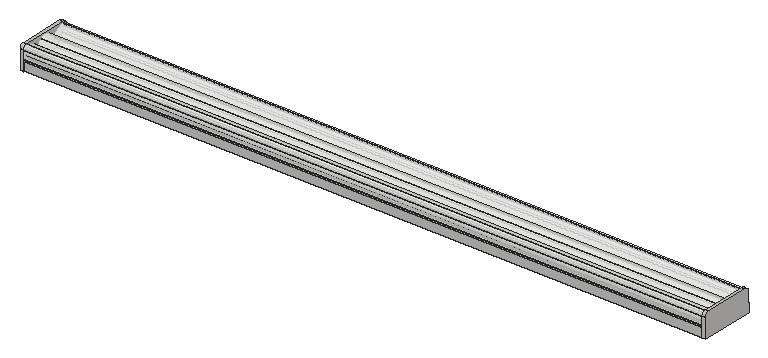
Revit family "Lighting-Luminii-Bara_Static_White", category Lighting Fixtures, host Face, Revit 2020
Family settings
  Host = Face
  Round Connector Dimension = Use Diameter
  Part Type = Normal
  OmniClass Number = 23.80.70.11.14.21
  OmniClass Title = Spots and Tracklight Specialties
  Cut with Voids When Loaded = No
  Light Source = Yes
  Shared = Yes
  Room Calculation Point = No
Parameters (values of type "Bara Static White - High Efficacy - Narrow Beam")
  not Asymmetric = not(Asymmetric)  # yes
  Width = 0.92969"  # constant formula
  Wattage Comments = "1.9 W/ft"
  Wattage = 9.2903 W
  Warranty URL = "https://www.luminii.com/terms-conditions/"
  built-in parameter 1150110 = 1 (stored number, unit not read)
  Voltage Comments = "120VAC - 277VAC"  # constant formula
  Voltage = 120 V
  Version = "2020 - v1.0a"  # constant formula
  URL = "https://www.luminii.com/"
  built-in parameter 1114217 = 1 (stored number, unit not read)
  Tilt Angle = 60.00°
  built-in parameter 1150109 = 1 (stored number, unit not read)
  built-in parameter 1150134 = 3
  built-in parameter 1150113 = 1 (stored number, unit not read)
  Support Phone = "224-699-9545"  # constant formula
  Support Email = "mailto:support@bimsmith.com"
  Product Page URL = "https://www.luminii.com/product/bara-static-white/"
  Power Source Type = "Driver"  # constant formula
  Power Factor = 1  # constant formula
  Photometric Web File = "Narrow Beam LL72-VHO-30K_IESNA2002.ies"
  Phase = 1
  Output Option [instance] = if(High Color Quality, "72SO | 72HO | 72VHO", "HE48LO | HE48SO | HE48MO | HE48HO | HE64VHO | HE64XHO")  # "HE48LO | HE48SO | HE48MO | HE48HO | HE64VHO | HE64XHO"
  Output [instance] = if(High Color Quality, "High Color Quality", "High Efficacy")  # "High Efficacy"
  Operating Temperature = "Consult Manufacturer Website for more Information"  # constant formula
  Number of Poles = if(and(or(Voltage = 120 V, Voltage = 277 V), Phase = 1), 1, if(and(or(Voltage = 208 V, Voltage = 240 V), Phase = 1), 2, if(and(or(Voltage = 208 V, Voltage = 240 V), Phase = 3), 3, if(and(Voltage > 300 V, Phase = 1), 2, if(and(Voltage > 400 V, Phase = 3), 3, 1)))))  # 1
  Narrow Beam = if(Constraints = 2, 1 = 1, 1 = 0)  # yes
  Mounting Method = "Surface Mount"  # constant formula
  Model = "Bara-HEXXXX"
  Manufacturer Phone Number = "403-216-7043"  # constant formula
  Manufacturer Email = "mailto: info@sensolighting.com"
  Manufacturer Address = "302 50 Ave SE. Calgary, Alberta, T2G 2A9 Canada"  # constant formula
  Manufacturer = "Luminii"  # constant formula
  built-in parameter 1150105 = 109.82 (stored number, unit not read)
  Lumens = 1380 lm
  built-in parameter 1150115 = 1 (stored number, unit not read)
  Lumen Output = "155 lm/ft"
  Load Classification = Lighting
  built-in parameter 1150137 = (empty or 0)
  built-in parameter 1150139 = (empty or 0)
  Lens Material = Plastic - Luminii - Frosted Lens
  Length Comments [instance] = "Perfomance based on 1\" Photometric Web File, consult Manufacturer for custom sizes"  # constant formula
  Length [instance] = if(Desired Length < 12.00", 12.00", if(Desired Length > 144.00", 144.00", (round(Desired Length / 1.00")) * 1.00"))  # 12.00"
  built-in parameter 1150112 = 1 (stored number, unit not read)
  built-in parameter 1150114 = 1 (stored number, unit not read)
  Lamp Life = 1
  Lamp = "LED"  # constant formula
  Keynote = "26 50 00"
  built-in parameter 1150132 = (empty or 0)
  built-in parameter 1150102 = (empty or 0)
  built-in parameter 1150107 = 3200 (stored number, unit not read)
  Initial Color Comments = "Perfomance based on 3500K Photometric Web File"  # constant formula
  built-in parameter 1150138 = (empty or 0)
  built-in parameter 1150106 = 1.0982 (stored number, unit not read)
  Housing Protection Rating = "IP20 Dry/IP66 Wet Series"  # constant formula
  High Efficacy = not(High Color Quality)  # yes
  High Color Quality = no
  Has Dimming = 1 = 1  # yes
  Has Battery Backup = 0 = 1  # no
  Frosted Lens = if(Constraints = 1, 1 = 1, 1 = 0)  # no
  Frequency Comments = ""
  Frequency = 60 Hz
  Finish = Metal - Luminii - Silver Anodized Aluminum
  Environment = "Indoor"  # constant formula
  Emit from Rectangle Width = 0.06"  # constant formula
  Emit from Rectangle Length = 48.00"
  Emit Shape Visible in Rendering = no
  built-in parameter 1150104 = 13.8 (stored number, unit not read)
  Dimming Lamp Color Temperature Shift = <None>
  Desired Length [instance] = 12.00"
  Description = "Linear Illumination System"  # constant formula
  Depth = if(Asymmetric, 0.50", 0.41")  # 0.41"
  Default Elevation = 0.00"  # constant formula
  Current Amps = 50 A
  Copyright = "©2024 Luminii"  # constant formula
  Constraints = 2
  Color Filter = 16777215
  built-in parameter 1114216 [instance] = 0  # (empty or 0)
  built-in parameter 1140040 [instance] = 1 = 1  # 1
  CCT = "3000K"
  C Offset From Face = 0.00"  # constant formula
  C LED Number [instance] = Length / 1.00"  # 12
  C End Caps Width = 0.05859"  # constant formula
  Batwing = if(Constraints = 3, 1 = 1, 1 = 0)  # no
  built-in parameter 1114218 = 1 (stored number, unit not read)
  built-in parameter 1150133 = 10 (stored number, unit not read)
  Asymmetric = if(Constraints = 4, 1 = 1, 1 = 0)  # no
  Assembly Code = "D5020230"
  Apparent Load = 1.7 VA
Types (8): name | not Asymmetric | Wattage Comments | Tilt Angle | Photometric Web File | Output Option | Output | Narrow Beam | Model | Lumen Output | Length | High Efficacy | High Color Quality | Frosted Lens | Desired Length | Depth | Constraints | C LED Number | Batwing | Asymmetric | Apparent Load
  Bara Static White - High Color Quality - Frosted | yes | "2.8 W/ft" | 60.00° | "BAR-48-30K-LL72VHO-F.IES" | "72SO | 72HO | 72VHO" | "High Color Quality" | no | "Bara-72XX" | "159 lm/ft" | 24.00" | no | yes | yes | 24.00" | 0.41" | 1 | 24 | no | no | 2.7 VA
  Bara Static White - High Efficacy - Frosted | yes | "1.9 W/ft" | 90.00° | "BAR-48-30K-LL72VHO-F.IES" | "HE48LO | HE48SO | HE48MO | HE48HO | HE64VHO | HE64XHO" | "High Efficacy" | no | "Bara-HEXXXX" | "155 lm/ft" | 12.00" | yes | no | yes | 12.00" | 0.41" | 1 | 12 | no | no | 1.7 VA
  Bara Static White - High Efficacy - Narrow Beam | yes | "1.9 W/ft" | 60.00° | "Narrow Beam LL72-VHO-30K_IESNA2002.ies" | "HE48LO | HE48SO | HE48MO | HE48HO | HE64VHO | HE64XHO" | "High Efficacy" | yes | "Bara-HEXXXX" | "155 lm/ft" | 12.00" | yes | no | no | 12.00" | 0.41" | 2 | 12 | no | no | 1.7 VA
  Bara Static White - High Color Quality - Narrow Beam | yes | "2.8 W/ft" | 60.00° | "Narrow Beam LL72-VHO-30K_IESNA2002.ies" | "72SO | 72HO | 72VHO" | "High Color Quality" | yes | "Bara-72XX" | "159 lm/ft" | 12.00" | no | yes | no | 12.00" | 0.41" | 2 | 12 | no | no | 2.7 VA
  Bara Static White - High Efficacy - Batwing | yes | "1.9 W/ft" | 60.00° | "Batwing Bara LL72-VHO-30K_IESNA2002.ies" | "HE48LO | HE48SO | HE48MO | HE48HO | HE64VHO | HE64XHO" | "High Efficacy" | no | "Bara-HEXXXX" | "155 lm/ft" | 12.00" | yes | no | no | 12.00" | 0.41" | 3 | 12 | yes | no | 1.7 VA
  Bara Static White - High Color Quality - Batwing | yes | "2.8 W/ft" | 60.00° | "Batwing Bara LL72-VHO-30K_IESNA2002.ies" | "72SO | 72HO | 72VHO" | "High Color Quality" | no | "Bara-72XX" | "159 lm/ft" | 12.00" | no | yes | no | 12.00" | 0.41" | 3 | 12 | yes | no | 2.7 VA
  Bara Static White - High Color Quality - Asymmetric | no | "2.8 W/ft" | 60.00° | "Asymmetric Lens Bara LL72-VHO-30K_IESNA2002.ies" | "72SO | 72HO | 72VHO" | "High Color Quality" | no | "Bara-72XX" | "159 lm/ft" | 12.00" | no | yes | no | 12.00" | 0.50" | 4 | 12 | no | yes | 2.7 VA
  Bara Static White - High Efficacy - Asymmetric | no | "1.9 W/ft" | 90.00° | "Asymmetric Lens Bara LL72-VHO-30K_IESNA2002.ies" | "HE48LO | HE48SO | HE48MO | HE48HO | HE64VHO | HE64XHO" | "High Efficacy" | no | "Bara-HEXXXX" | "155 lm/ft" | 12.00" | yes | no | no | 12.00" | 0.50" | 4 | 12 | no | yes | 1.7 VA
Reference planes (in)
  plane 1 "Center (Front/Back)": y = 0
  plane 2: z = 0
  plane 3 "Center (Left/Right)": x = 0
  plane 4: x = -6
  plane 5: x = 6
  plane 6: y = 0.46484
  plane 7: y = -0.46484
  plane 8: x = -5.94141
  plane 9: x = 5.94141
  plane 10: z = 0
  plane 11: z = 0.41
Forms (in)
  Extrusion 1, solid, material "Metal - Luminii - Silver Anodized Aluminum", not visible
    sketch origin (0, 0, 0) x (1, 0, 0) y (0, 1, 0)
      loop
        circle (0, 0) r 0.5
    from 0 to -0.17225
  Sweep 2, solid, material "Metal - Luminii - Silver Anodized Aluminum" <- "Finish", detail levels medium+fine
    path origin (0, 0.61716, 0) x (0, 1, 0) y (-1, 0, 0)
      loop
        line (-0.61716, 5.94141) -> (-0.61716, -5.94141)
    profile "Nested - Middle : Default" origin (0, 0, 0) x (0, 1, 0) y (0, 0, 1)
      loop
        line (0.4625, 0) -> (0.4625, 0.15012) -> (0.3585, 0.15012) -> (0.41358, 0.22878)
        arc (0.41358, 0.22878) -> (0.40744, 0.2636) -> (0.37262, 0.25746) r 0.025
        line (0.37262, 0.25746) -> (0.24144, 0.07012) -> (-0.24144, 0.07012) -> (-0.37262, 0.25746)
        arc (-0.37262, 0.25746) -> (-0.40744, 0.2636) -> (-0.41358, 0.22878) r 0.025
        line (-0.41358, 0.22878) -> (-0.3585, 0.15012) -> (-0.4625, 0.15012) -> (-0.4625, 0) -> (0.4625, 0)
  Sweep 3, solid, material "Plastic - Luminii - Frosted Lens" <- "Lens Material", visible <- "Frosted Lens", detail levels medium+fine
    path origin (0, 0.61716, 0) x (0, 1, 0) y (-1, 0, 0)
      loop
        line (-0.61716, 5.94141) -> (-0.61716, -5.94141)
    profile "Nested - Screen : Default" origin (0, 0, 0) x (0, 1, 0) y (0, 0, 1)
      loop
        arc (0.39327, 0.35838) -> (0.41094, 0.35106) -> (0.41827, 0.33338) r 0.025
        line (0.41827, 0.33338) -> (0.41827, 0.22163)
        arc (0.41827, 0.22163) -> (0.40455, 0.16369) -> (0.45827, 0.18938) r 0.033
        line (0.45827, 0.18938) -> (0.45827, 0.33338)
        arc (0.45827, 0.33338) -> (0.43923, 0.37934) -> (0.39327, 0.39838) r 0.065
        line (0.39327, 0.39838) -> (-0.39273, 0.39838)
        arc (-0.39273, 0.39838) -> (-0.4387, 0.37934) -> (-0.45773, 0.33338) r 0.065
        line (-0.45773, 0.33338) -> (-0.45773, 0.18938)
        arc (-0.45773, 0.18938) -> (-0.40402, 0.16369) -> (-0.41773, 0.22163) r 0.033
        line (-0.41773, 0.22163) -> (-0.41773, 0.33338)
        arc (-0.41773, 0.33338) -> (-0.41041, 0.35106) -> (-0.39273, 0.35838) r 0.025
        line (-0.39273, 0.35838) -> (0.39327, 0.35838)
  Sweep 4, solid, material "Metal - Luminii - Silver Anodized Aluminum" <- "Finish", visible <- "not Asymmetric", detail levels medium+fine
    path origin (0, 0.61716, 0) x (0, 1, 0) y (-1, 0, 0)
      loop
        line (-0.61716, 5.94141) -> (-0.61716, 6)
    profile "Nested - Side : Default" origin (-5.9707, 0, 0) x (0, -1, 0) y (0, 0, 1)
      loop
        line (-0.4675, 0) -> (0.4675, 0) -> (0.4675, 0.332)
        arc (0.4675, 0.332) -> (0.447, 0.3815) -> (0.3975, 0.402) r 0.07
        line (0.3975, 0.402) -> (-0.3975, 0.402)
        arc (-0.3975, 0.402) -> (-0.447, 0.3815) -> (-0.4675, 0.332) r 0.07
        line (-0.4675, 0.332) -> (-0.4675, 0)
  Sweep 5, solid, material "Metal - Luminii - Silver Anodized Aluminum" <- "Finish", visible <- "not Asymmetric", detail levels medium+fine
    path origin (0, 0.61716, 0) x (0, 1, 0) y (-1, 0, 0)
      loop
        line (-0.61716, -5.94141) -> (-0.61716, -6)
    profile "Nested - Side : Default" origin (5.9707, 0, 0) x (0, 1, 0) y (0, 0, 1)
      loop
        line (-0.4675, 0) -> (0.4675, 0) -> (0.4675, 0.332)
        arc (0.4675, 0.332) -> (0.447, 0.3815) -> (0.3975, 0.402) r 0.07
        line (0.3975, 0.402) -> (-0.3975, 0.402)
        arc (-0.3975, 0.402) -> (-0.447, 0.3815) -> (-0.4675, 0.332) r 0.07
        line (-0.4675, 0.332) -> (-0.4675, 0)
  Sweep 6, solid, material "Metal - Luminii - Silver Anodized Aluminum" <- "Finish", detail levels coarse
    path origin (0, 0.61716, 0) x (0, 1, 0) y (-1, 0, 0)
      loop
        line (-0.61716, 5.94141) -> (-0.61716, 6)
    profile origin (-5.9707, 0, 0) x (0, -1, 0) y (0, 0, 1)
      loop
        line (-0.4675, 0.402) -> (-0.4675, 0) -> (0.4675, 0) -> (0.4675, 0.402) -> (-0.4675, 0.402)
  Sweep 7, solid, material "Metal - Luminii - Silver Anodized Aluminum" <- "Finish", detail levels coarse
    path origin (0, 0.61716, 0) x (0, 1, 0) y (-1, 0, 0)
      loop
        line (-0.61716, -5.94141) -> (-0.61716, -6)
    profile origin (5.9707, 0, 0) x (0, 1, 0) y (0, 0, 1)
      loop
        line (0.4675, 0.402) -> (-0.4675, 0.402) -> (-0.4675, 0) -> (0.4675, 0) -> (0.4675, 0.402)
  Sweep 8, solid, material "Metal - Luminii - Silver Anodized Aluminum" <- "Finish", detail levels coarse
    path origin (0, 0.61716, 0) x (0, 1, 0) y (-1, 0, 0)
      loop
        line (-0.61716, 5.94141) -> (-0.61716, -5.94141)
    profile origin (0, 0, 0) x (0, 1, 0) y (0, 0, 1)
      loop
        line (0.4625, 0.15012) -> (-0.4625, 0.15012) -> (-0.4625, 0) -> (0.4625, 0) -> (0.4625, 0.15012)
  Sweep 9, solid, material "Plastic - Luminii - Frosted Lens" <- "Lens Material", detail levels coarse
    path origin (0, 0.61716, 0) x (0, 1, 0) y (-1, 0, 0)
      loop
        line (-0.61716, 5.94141) -> (-0.61716, -5.94141)
    profile origin (0, 0, 0) x (0, 1, 0) y (0, 0, 1)
      loop
        line (0.45827, 0.15012) -> (0.45827, 0.39838) -> (-0.45773, 0.39838) -> (-0.45773, 0.15012) -> (0.45827, 0.15012)
  Sweep 10, solid, material "Plastic - Luminii - Frosted Lens" <- "Lens Material", visible <- "Narrow Beam", detail levels medium+fine
    path origin (0, 0, 0) x (1, 0, 0) y (0, 1, 0)
      loop
        line (-5.94141, 0) -> (5.94141, 0)
    profile "Nested - Narrow Beam : Default" origin (0, 0, 0) x (0, 1, 0) y (0, 0, 1)
      loop
        arc (-0.42164, 0.32557) -> (-0.41463, 0.341) -> (-0.3984, 0.34589) r 0.0205
        arc (-0.3984, 0.34589) -> (-0.28828, 0.30452) -> (-0.1924, 0.23636) r 0.45603
        arc (-0.1924, 0.23636) -> (0, 0.21274) -> (0.1924, 0.23636) r 0.79555
        arc (0.1924, 0.23636) -> (0.28828, 0.30452) -> (0.3984, 0.34589) r 0.45603
        arc (0.3984, 0.34589) -> (0.41463, 0.341) -> (0.42164, 0.32557) r 0.0205
        line (0.42164, 0.32557) -> (0.42164, 0.21634)
        arc (0.42164, 0.21634) -> (0.40349, 0.15507) -> (0.46164, 0.18157) r 0.03511
        line (0.46164, 0.18157) -> (0.46164, 0.32557)
        arc (0.46164, 0.32557) -> (0.43712, 0.37584) -> (0.38241, 0.38747) r 0.0638
        arc (0.38241, 0.38747) -> (0.26836, 0.34376) -> (0.16819, 0.27386) r 0.50327
        arc (0.16819, 0.27386) -> (0.13377, 0.31517) -> (0.09417, 0.35156) r 0.40518
        arc (0.09417, 0.35156) -> (0, 0.3847) -> (-0.09417, 0.35156) r 0.15036
        arc (-0.09417, 0.35156) -> (-0.13377, 0.31517) -> (-0.16819, 0.27386) r 0.40518
        arc (-0.16819, 0.27386) -> (-0.26836, 0.34376) -> (-0.38241, 0.38747) r 0.50327
        arc (-0.38241, 0.38747) -> (-0.43712, 0.37584) -> (-0.46164, 0.32557) r 0.0638
        line (-0.46164, 0.32557) -> (-0.46164, 0.18157)
        arc (-0.46164, 0.18157) -> (-0.40349, 0.15507) -> (-0.42164, 0.21634) r 0.03511
        line (-0.42164, 0.21634) -> (-0.42164, 0.32557)
  Sweep 11, solid, material "Plastic - Luminii - Frosted Lens" <- "Lens Material", visible <- "Batwing", detail levels medium+fine
    path origin (0, 0, 0) x (1, 0, 0) y (0, 1, 0)
      loop
        line (-5.94141, 0) -> (5.94141, 0)
    profile "Nested - Batwing : Default" origin (0, 0, 0) x (0, 1, 0) y (0, 0, 1)
      loop
        arc (-0.42164, 0.33477) -> (-0.41147, 0.35135) -> (-0.39203, 0.35083) r 0.01945
        line (-0.39203, 0.35083) -> (-0.24415, 0.24554)
        arc (-0.24415, 0.24554) -> (-0.16046, 0.20597) -> (-0.06882, 0.19275) r 0.3115
        arc (-0.06882, 0.19275) -> (-0.05957, 0.23915) -> (-0.02974, 0.27588) r 0.09841
        arc (-0.02974, 0.27588) -> (0, 0.28582) -> (0.02974, 0.27588) r 0.04941
        arc (0.02974, 0.27588) -> (0.05957, 0.23915) -> (0.06882, 0.19275) r 0.09841
        arc (0.06882, 0.19275) -> (0.16046, 0.20597) -> (0.24415, 0.24554) r 0.3115
        line (0.24415, 0.24554) -> (0.39203, 0.35083)
        arc (0.39203, 0.35083) -> (0.41147, 0.35135) -> (0.42164, 0.33477) r 0.01945
        line (0.42164, 0.33477) -> (0.42164, 0.21634)
        arc (0.42164, 0.21634) -> (0.40349, 0.15507) -> (0.46164, 0.18157) r 0.03511
        line (0.46164, 0.18157) -> (0.46164, 0.32557)
        arc (0.46164, 0.32557) -> (0.42762, 0.38199) -> (0.36185, 0.37824) r 0.0638
        line (0.36185, 0.37824) -> (0.21333, 0.2725)
        arc (0.21333, 0.2725) -> (0, 0.34613) -> (-0.21333, 0.2725) r 0.34584
        line (-0.21333, 0.2725) -> (-0.36185, 0.37824)
        arc (-0.36185, 0.37824) -> (-0.42762, 0.38199) -> (-0.46164, 0.32557) r 0.0638
        line (-0.46164, 0.32557) -> (-0.46164, 0.18157)
        arc (-0.46164, 0.18157) -> (-0.40349, 0.15507) -> (-0.42164, 0.21634) r 0.03511
        line (-0.42164, 0.21634) -> (-0.42164, 0.33477)
  Sweep 12, solid, material "Plastic - Luminii - Frosted Lens" <- "Lens Material", visible <- "Asymmetric", detail levels medium+fine
    path origin (0, 0, 0) x (1, 0, 0) y (0, 1, 0)
      loop
        line (-5.94141, 0) -> (5.94141, 0)
    profile "Nested - Assymetric : Default" origin (0, 0, 0) x (0, 1, 0) y (0, 0, 1)
      loop
        arc (-0.42164, 0.43086) -> (-0.4131, 0.45147) -> (-0.3925, 0.46) r 0.02914
        line (-0.3925, 0.46) -> (-0.07633, 0.46) -> (-0.11734, 0.20113)
        arc (-0.11734, 0.20113) -> (-0.10071, 0.17825) -> (-0.07783, 0.19487) r 0.02
        line (-0.07783, 0.19487) -> (-0.04677, 0.39097)
        arc (-0.04677, 0.39097) -> (0.11174, 0.31454) -> (0.22061, 0.17628) r 0.39055
        line (0.22061, 0.17628) -> (0.27724, 0.17628)
        arc (0.27724, 0.17628) -> (0.33651, 0.2608) -> (0.42164, 0.31919) r 0.28975
        line (0.42164, 0.31919) -> (0.42164, 0.21634)
        arc (0.42164, 0.21634) -> (0.40349, 0.15507) -> (0.46164, 0.18157) r 0.03511
        line (0.46164, 0.18157) -> (0.46164, 0.36898)
        arc (0.46164, 0.36898) -> (0.36115, 0.32829) -> (0.27958, 0.25687) r 0.32571
        arc (0.27958, 0.25687) -> (0.13211, 0.36754) -> (-0.04001, 0.43367) r 0.66785
        line (-0.04001, 0.43367) -> (-0.0295, 0.5) -> (-0.39164, 0.5)
        arc (-0.39164, 0.5) -> (-0.44114, 0.4795) -> (-0.46164, 0.43) r 0.07
        line (-0.46164, 0.43) -> (-0.46164, 0.18157)
        arc (-0.46164, 0.18157) -> (-0.40349, 0.15507) -> (-0.42164, 0.21634) r 0.03511
        line (-0.42164, 0.21634) -> (-0.42164, 0.43086)
  Extrusion 13, solid, material "Metal - Luminii - Silver Anodized Aluminum" <- "Finish", visible <- "Asymmetric"
    sketch origin (-0.37509, -24, 0) x (0, 1, 0) y (0, 0, -1)
      loop
        arc (24.46484, -0.35839) -> (24.46092, -0.37304) -> (24.44914, -0.38258) r 0.02453
        line (24.44914, -0.38258) -> (24.01092, -0.5) -> (23.60516, -0.5)
        arc (23.60516, -0.5) -> (23.55566, -0.4795) -> (23.53516, -0.43) r 0.07
        line (23.53516, -0.43) -> (23.53516, 0) -> (24.46484, 0) -> (24.46484, -0.36096)
    from -6.3165 to -6.37509
  Extrusion 14, solid, material "Metal - Luminii - Silver Anodized Aluminum" <- "Finish", visible <- "Asymmetric"
    sketch origin (0.37509, -24, 0) x (0, 1, 0) y (0, 0, 1)
      loop
        line (24.01092, 0.5) -> (23.60516, 0.5)
        arc (23.60516, 0.5) -> (23.55566, 0.4795) -> (23.53516, 0.43) r 0.07
        line (23.53516, 0.43) -> (23.53516, 0) -> (24.46484, 0) -> (24.46484, 0.35696)
        arc (24.46484, 0.35696) -> (24.45921, 0.37377) -> (24.44458, 0.3838) r 0.02791
        line (24.44458, 0.3838) -> (24.01092, 0.5)
    from -6.37509 to -6.3165
Dimensions and locks (in)
  equal spacing: plane 4, plane 3 "Center (Left/Right)", plane 5
  equal spacing: plane 6, plane 1 "Center (Front/Back)", plane 7
  "Length": plane 4 to plane 5
  "Width": plane 6 to plane 7
  "C End Caps Width": plane 9 to plane 5
  "C End Caps Width": plane 4 to plane 8
  "C Offset From Face": plane 10 to host face
  level to Extrusion 13 = 0.50"
  "Depth": plane 11 to plane 2
  Extrusion 14 sketch curve to plane 2 to Extrusion 14 sketch curve to Extrusion 14 sketch curve to Extrusion 14 sketch curve to Extrusion 14 sketch curve = 0.00" locked, 0.35696" locked, 0.02684" locked, 0.0462" locked, 0.07" locked
  Extrusion 14 sketch curve to Extrusion 14 sketch curve to Extrusion 14 sketch curve to plane 1 "Center (Front/Back)" to Extrusion 14 sketch curve to Extrusion 14 sketch curve = 0.02026" locked, 0.43366" locked, 0.01092" locked, 0.39484" locked, 0.07" locked
  Extrusion 13 sketch curve to Extrusion 13 sketch curve to Extrusion 13 sketch curve to Extrusion 13 sketch curve to plane 2 to Extrusion 13 sketch curve = 0.07" locked, 0.04742" locked, 0.02419" locked, 0.35839" locked, 0.00" locked
  Extrusion 13 sketch curve to Extrusion 13 sketch curve to Extrusion 13 sketch curve to plane 1 "Center (Front/Back)" to Extrusion 13 sketch curve to Extrusion 13 sketch curve = 0.0157" locked, 0.43822" locked, 0.01092" locked, 0.39484" locked, 0.07" locked
  aligned and locked: plane 2 to host face
  aligned and locked: plane 3 "Center (Left/Right)" to Extrusion 1 sketch curve
  aligned and locked: plane 1 "Center (Front/Back)" to Extrusion 1 sketch curve
  aligned and locked: plane 2 to Extrusion 1  (x2)
  aligned and locked: plane 8 to Sweep 2 sketch curve
  aligned and locked: plane 1 "Center (Front/Back)" to Sweep 2 sketch curve
  aligned and locked: plane 9 to Sweep 2 sketch curve
  aligned and locked: plane 1 "Center (Front/Back)" to Sweep 3 sketch curve
  aligned and locked: plane 9 to Sweep 3 sketch curve
  aligned and locked: plane 8 to Sweep 3 sketch curve
  aligned and locked: Sweep 4 sketch curve to plane 1 "Center (Front/Back)"
  aligned and locked: plane 8 to Sweep 4 sketch curve
  aligned and locked: plane 4 to Sweep 4 sketch curve
  aligned and locked: plane 9 to Sweep 5 sketch curve
  aligned and locked: plane 5 to Sweep 5 sketch curve
  aligned and locked: plane 1 "Center (Front/Back)" to Sweep 5 sketch curve
  aligned and locked: Sweep 6 sketch curve to plane 1 "Center (Front/Back)"
  aligned and locked: plane 8 to Sweep 6 sketch curve
  aligned and locked: plane 4 to Sweep 6 sketch curve
  aligned and locked: host face to Sweep 6 sketch curve
  aligned and locked: plane 5 to Sweep 7 sketch curve
  aligned and locked: plane 9 to Sweep 7 sketch curve
  aligned and locked: plane 1 "Center (Front/Back)" to Sweep 7 sketch curve
  aligned and locked: Sweep 7 sketch curve to host face
  aligned and locked: plane 8 to Sweep 8 sketch curve
  aligned and locked: plane 9 to Sweep 8 sketch curve
  aligned and locked: plane 1 "Center (Front/Back)" to Sweep 8 sketch curve
  aligned and locked: Sweep 8 sketch curve to host face
  aligned and locked: plane 8 to Sweep 9 sketch curve
  aligned and locked: plane 9 to Sweep 9 sketch curve
  aligned and locked: plane 1 "Center (Front/Back)" to Sweep 9 sketch curve
  aligned and locked: Sweep 9 sketch curve to host face
  aligned and locked: level to Sweep 6 sketch curve
  aligned and locked: level to Sweep 4 sketch curve
  aligned and locked: Sweep 9 sketch curve to level
  aligned and locked: Sweep 3 sketch curve to level
  aligned and locked: Sweep 2 sketch curve to level
  aligned and locked: Sweep 8 sketch curve to level
  aligned and locked: Sweep 7 sketch curve to plane 10
  aligned and locked: Sweep 5 sketch curve to plane 10
  aligned and locked: plane 1 "Center (Front/Back)" to Sweep 10 sketch curve
  aligned and locked: plane 9 to Sweep 10 sketch curve
  aligned and locked: plane 8 to Sweep 10 sketch curve
  aligned and locked: plane 1 "Center (Front/Back)" to Sweep 12 sketch curve
  aligned and locked: plane 9 to Sweep 12 sketch curve
  aligned and locked: plane 8 to Sweep 12 sketch curve
  aligned and locked: plane 9 to Extrusion 13
  aligned and locked: plane 5 to Extrusion 13
  aligned and locked: plane 8 to Extrusion 14
  aligned and locked: Extrusion 14 to plane 4
  aligned and locked: plane 1 "Center (Front/Back)" to imposter light
  aligned and locked: imposter light to plane 11
  aligned and locked: plane 3 "Center (Left/Right)" to imposter light
  aligned and locked: plane 1 "Center (Front/Back)" to Sweep 11 sketch curve
  aligned and locked: plane 9 to Sweep 11 sketch curve
  aligned and locked: plane 8 to Sweep 11 sketch curve
Automatic sketch dimensions
  host sketch curve to host sketch curve = 96.00"  (x2)
  Sweep 6 sketch curve to plane 10 = 0.00"
  profile plane to Sweep 6 sketch curve = 0.4675"
  Sweep 6 sketch curve to profile plane = 0.4675"
  plane 10 to Sweep 6 sketch curve = 0.402"
  Sweep 7 sketch curve to plane 10 = 0.00"
  profile plane to Sweep 7 sketch curve = 0.4675"
  Sweep 7 sketch curve to profile plane = 0.4675"
  plane 10 to Sweep 7 sketch curve = 0.402"
  Sweep 8 sketch curve to plane 10 = 0.00"
  plane 10 to Sweep 8 sketch curve = 0.15012"
  profile plane to Sweep 8 sketch curve = 0.4625"
  Sweep 8 sketch curve to profile plane = 0.4625"
  profile plane to Sweep 9 sketch curve = 0.45773"
  plane 10 to Sweep 9 sketch curve = 0.15012"
  Sweep 9 sketch curve to profile plane = 0.45827"
  Sweep 9 sketch curve to Sweep 9 sketch curve = 0.24826"
  Extrusion 13 sketch curve to Extrusion 13 sketch curve = 0.0229"
  radius of Extrusion 1 sketch curve = 0.50"
Connectors (in)
  electrical at (0, 0, 0), driven by "Number of Poles", driven by "Load Classification", driven by "Voltage", driven by "Apparent Load", driven by "Power Factor"
    settings: on Extrusion 1, index 1, voltage 120 V, apparent load 1.7 VA, apparent load phase1 0 VA, apparent load phase2 0 VA, apparent load phase3 0 VA, power factor 1, load classification "Lighting", number of poles 1, system type 30, power factor state 1, is connector primary yes, connector utility no, sub classification motor no, connector description "Power Connection"
